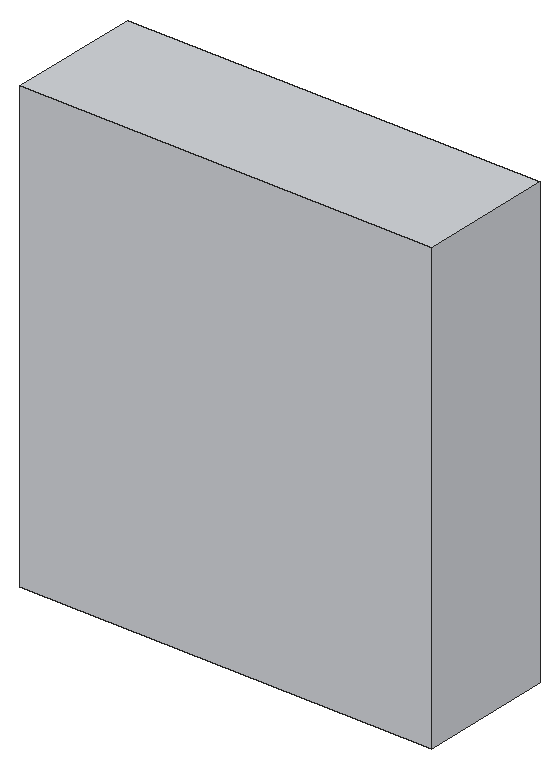
Revit family "ШПК", category Оборудование, Revit 2019
Family settings
  Размер круглого соединителя = Использовать диаметр
  Классификация = Нет
  Тип детали = Нормальный
  При загрузке вырезать с полостями = Нет
  Общий = Нет
  Точка расчета площади = Нет
Parameters
  Ширина коробки = 920 mm
  Материал = none
  built-in parameter 1001306 [instance] = 1200 mm
  Глубина коробки = 300 mm
  Высота коробки = 1000 mm
Reference planes
  plane 1 "По центру (Вперед/Назад)": y = 0
  plane 2: z = 0
  plane 3 "Слева": x = 0
  plane 4 "Справа": x = 1200
  plane 5: y = 300
  plane 6: z = 1000
  plane 7: x = 920
Forms (mm)
  Extrusion 1, solid, material <- "Материал"
    sketch origin (460, 0, 0) x (1, 0, 0) y (0, 1, 0)
      loop
        line (-460, 0) -> (460, 0) -> (460, 300) -> (-460, 300) -> (-460, 0)
    from 0 to 1000
Lines and regions (mm)
  reference lines, not visible
    curve 1: line (0, 0, 0) -> (1200, 0, 0)
Dimensions and locks
  "built-in parameter 1001306": plane 3 "Слева" to plane 4 "Справа"
  "Глубина коробки": plane 1 "По центру (Вперед/Назад)" to plane 5
  "Высота коробки": plane 6 to plane 2
  "Ширина коробки": plane 3 "Слева" to plane 7
  aligned and locked: plane 4 "Справа" to curve 1
  aligned and locked: plane 1 "По центру (Вперед/Назад)" to curve 1
  aligned and locked: plane 3 "Слева" to curve 1
  aligned and locked: level to plane 2
  aligned and locked: plane 1 "По центру (Вперед/Назад)" to Extrusion 1 sketch curve
  aligned and locked: plane 5 to Extrusion 1 sketch curve
  aligned and locked: plane 6 to Extrusion 1
  aligned and locked: Extrusion 1 sketch curve to plane 3 "Слева"
  aligned and locked: plane 7 to Extrusion 1 sketch curve
